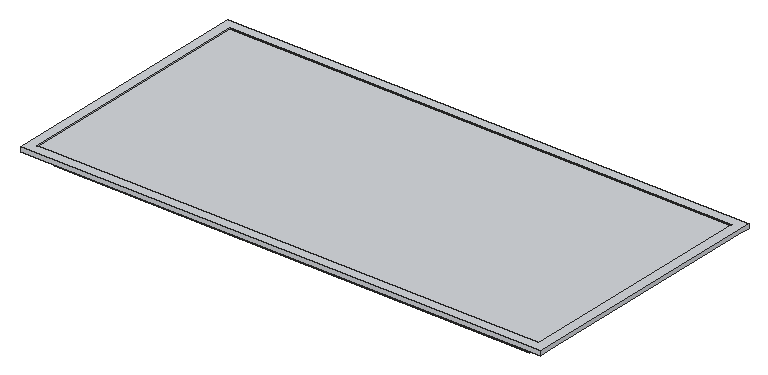
Revit family "1195x595_START Panel Backlit UGR19", category Lighting Fixtures, host Face, Revit 2017
Family settings
  Host = Face
  Round Connector Dimension = Use Diameter
  Part Type = Normal
  OmniClass Number = 23.80.70.00
  OmniClass Title = Lighting
  Cut with Voids When Loaded = No
  Light Source = Yes
  Shared = No
  Room Calculation Point = No
Parameters (values of type "0042201")
  Weight = "153.52 kg"
  Wattage Comments = ""
  Wattage = 58 W
  WarrantyStartDate [instance] = "n/a"
  WarrantyGuarantorParts = ""
  WarrantyDurationUnit = ""
  WarrantyDurationParts = ""
  WarrantyDescription = ""
  WIDTH_SYL = 297.5 mm
  built-in parameter 1150110 = 1 (stored number, unit not read)
  Voltage = 0 V
  URL = "https://www.sylvania-lighting.com/product/en-int/products/0042201/"
  TypeName = "0042201"
  Type Image = <None>
  Type Comments = "n/a"
  built-in parameter 1114217 = 1 (stored number, unit not read)
  Tilt Angle = -90.00°
  built-in parameter 1150109 = 1 (stored number, unit not read)
  built-in parameter 1150134 = (empty or 0)
  TOP__WIDTH_SYL = 545 mm
  TOP_WIDTH_SYL = 265 mm
  TOP_DEPTH_SYL = 95 mm
  built-in parameter 1150113 = 1 (stored number, unit not read)
  SerialNumber [instance] = "n/a"
  Photometric Web File = "0042201.ies"
  Material_3_SYL = none
  PowerFactor = 0.9
  PowerConsumption = "58 W"
  NominalLength = 1195 mm
  NominalHeight = 35 mm
  NominalDepth = 595 mm
  Name = "START Panel UGR19 1200x600 5700Lm 830 LILO"
  ModelReference = Name  # "START Panel UGR19 1200x600 5700Lm 830 LILO"
  ModelNumber = "0042201"
  Model = Name  # "START Panel UGR19 1200x600 5700Lm 830 LILO"
  Material = "aluminium,steel housing, other diffuser"
  ManufacturerName = "Feilo Sylvania"
  Manufacturer = "Feilo Sylvania"
  MAINHEIGHT_SYL = 63 mm
  LuminousEfficacy = "98 lm/W"
  built-in parameter 1150105 = 685.59 (stored number, unit not read)
  Lumens = 8615.43 lm
  LuminaireType = "LED"
  built-in parameter 1150115 = 1 (stored number, unit not read)
  LightOutputRatio = ""
  built-in parameter 1150137 = (empty or 0)
  built-in parameter 1150139 = (empty or 0)
  LampsType = Lamp  # "LED"
  LampNominalLuminous = "5700 lm"
  LampMacAdamStep = "6"
  LampColourTemperature = "3000 K"
  LampColourRenderingIndex = "80"
  built-in parameter 1150112 = 1 (stored number, unit not read)
  built-in parameter 1150114 = 1 (stored number, unit not read)
  Lamp = "LED"
  LUMWIDTH_SYL = 576.5 mm
  LUMDEPTH_SYL = 276.5 mm
  Keynote = "16500"
  InstallationDate [instance] = "n/a"
  InputVoltage = "n/a"
  InputNominalFrequency = "n/a"
  built-in parameter 1150132 = (empty or 0)
  built-in parameter 1150102 = (empty or 0)
  built-in parameter 1150107 = 3000 (stored number, unit not read)
  built-in parameter 1150138 = (empty or 0)
  IngressProtection = "IP40/20"
  ImpactProtectionIndex = "IK03"
  built-in parameter 1150106 = 6.8559 (stored number, unit not read)
  IfcExportType = "IfcLightFixtureType"
  IfcExportAs = "IfcLightFixtureType"
  HEIGHT_SYL = 33 mm
  HEIGHTBOTT_SYL = 7 mm
  Emit from Circle Diameter = 609.6 mm
  Emit Shape Visible in Rendering = no
  ElectricShockClassification = "Class II"
  built-in parameter 1150104 = 13.8 (stored number, unit not read)
  DocumentationLiterature = "98"
  DimmingControlOptions = "http://www.sylvania-lighting.com/product/en-int/products/0042201"
  Material_2_SYL = none
  Dimming Lamp Color Temperature Shift = <None>
  Description = "n/a"
  Default Elevation = 1219.2 mm
  DEPTH_SYL = 597.5 mm
  CreatedOn = "7/6/2020"
  CreatedBy = "@sylvania-lighting.com"
  Cost = 0
  Color Filter = 16777215
  built-in parameter 1114216 [instance] = (empty or 0)
  ClassificationValue = "EF_70_80"
  ClassificationName = "Uniclass2015"
  Material_1_SYL = none
  BarCode [instance] = "n/a"
  built-in parameter 1114218 = 1 (stored number, unit not read)
  BOX_WIDTH_SYL = 40 mm
  built-in parameter 1150133 = 10 (stored number, unit not read)
  AssetType = "Fixed"
  AssetIdentifier [instance] = "n/a"
  Assembly Code = "D5020200"
  Apparent Load = 58 VA
  Material_4_SYL = none
  -LUMDEPTH_SYL = LUMDEPTH_SYL * (-1)  # -276.5 mm
  -BOX_WIDTH_SYL = BOX_WIDTH_SYL * (-1)  # -40 mm
Types (3, lengths in mm): name | URL | TypeName | built-in parameter 1150134 | Photometric Web File | Name | ModelReference | ModelNumber | Model | LuminousEfficacy | LampNominalLuminous | LampColourTemperature | built-in parameter 1150107 | DocumentationLiterature | DimmingControlOptions
  0042203 | "https://www.sylvania-lighting.com/product/en-int/products/0042203/" | "0042203" | 1 | "0042203.ies" | "START Panel UGR19 1200x600 5900Lm 865 LILO" | "START Panel UGR19 1200x600 5900Lm 865 LILO" | "0042203" | "START Panel UGR19 1200x600 5900Lm 865 LILO" | "102 lm/W" | "5900 lm" | "6500 K" | 6500 (stored number, unit not read) | "102" | "http://www.sylvania-lighting.com/product/en-int/products/0042203"
  0042202 | "https://www.sylvania-lighting.com/product/en-int/products/0042202/" | "0042202" | 12 | "0042202.ies" | "START Panel UGR19 1200x600 5900Lm 840 LILO" | "START Panel UGR19 1200x600 5900Lm 840 LILO" | "0042202" | "START Panel UGR19 1200x600 5900Lm 840 LILO" | "102 lm/W" | "5900 lm" | "4000 K" | 4000 (stored number, unit not read) | "102" | "http://www.sylvania-lighting.com/product/en-int/products/0042202"
  0042201 | "https://www.sylvania-lighting.com/product/en-int/products/0042201/" | "0042201" | (empty or 0) | "0042201.ies" | "START Panel UGR19 1200x600 5700Lm 830 LILO" | "START Panel UGR19 1200x600 5700Lm 830 LILO" | "0042201" | "START Panel UGR19 1200x600 5700Lm 830 LILO" | "98 lm/W" | "5700 lm" | "3000 K" | 3000 (stored number, unit not read) | "98" | "http://www.sylvania-lighting.com/product/en-int/products/0042201"
Reference planes
  plane 1 "Center (Front/Back)": y = 0
  plane 2: z = 0
  plane 3 "Center (Left/Right)": x = 0
  plane 4: z = -33
  plane 5: z = -7
  plane 6: z = -63
  plane 7: x = 597.5
  plane 8: x = -597.5
  plane 9: y = 297.5
  plane 10: y = -297.5
  plane 11: x = 576.5
  plane 12: x = -576.5
  plane 13: y = -276.5
  plane 14: y = 276.5
  plane 15: y = -265
  plane 16: y = 265
  plane 17: x = -40
  plane 18: x = 40
  plane 19: x = 0
  plane 20: x = -545
  plane 21: x = 545
Forms (mm)
  Extrusion 1, solid
    sketch origin (0, 0, 0) x (1, 0, 0) y (0, 1, 0)
      loop
        line (-597.5, 297.5) -> (-597.5, -297.5) -> (597.5, -297.5) -> (597.5, 297.5) -> (-597.5, 297.5)
    from -7 to 2
  Extrusion 2, void
    sketch origin (0, 0, 0) x (1, 0, 0) y (0, 1, 0)
      loop
        line (-576.5, 276.5) -> (-576.5, -276.5) -> (576.5, -276.5) -> (576.5, 276.5) -> (-576.5, 276.5)
    from 0 to 2
  Extrusion 3, solid
    sketch origin (0, 0, 0) x (1, 0, 0) y (0, 0, 1)
      loop
        line (-40, -33) -> (-40, -63) -> (40, -63) -> (40, -33) -> (-40, -33)
    from -40 <- "-BOX_WIDTH_SYL" to 40 <- "BOX_WIDTH_SYL"
  Extrusion 4, solid
    sketch origin (0, 0, 0) x (1, 0, 0) y (0, 0, 1)
      loop
        line (-576.5, -7) -> (-545, -33) -> (545, -33) -> (576.5, -7) -> (-576.5, -7)
    from -276.5 <- "-LUMDEPTH_SYL" to 276.5 <- "LUMDEPTH_SYL"
  Extrusion 5, void
    sketch origin (319, 1524, 1219.2) x (0, 1, 0) y (0, 0, 1)
      loop
        line (-1247.5, -1226.2) -> (-1259, -1252.2) -> (-1247.5, -1252.2) -> (-1247.5, -1226.2)
      loop
        line (-1800.5, -1226.2) -> (-1800.5, -1252.2) -> (-1789, -1252.2) -> (-1800.5, -1226.2)
    from -1000 to 1000
Cuts and joins
  Extrusion 2, Extrusion 5 cuts Extrusion 1
  Extrusion 5 cuts Extrusion 3
  Extrusion 5 cuts Extrusion 4
  joined: Extrusion 1, Extrusion 3, Extrusion 4
Dimensions and locks
  "HEIGHT_SYL": host face to plane 4
  "HEIGHTBOTT_SYL": host face to plane 5
  "MAINHEIGHT_SYL": host face to plane 6
  "DEPTH_SYL": plane 8 to plane 3 "Center (Left/Right)" to plane 7
  "WIDTH_SYL": plane 10 to plane 1 "Center (Front/Back)" to plane 9
  "LUMWIDTH_SYL": plane 12 to plane 3 "Center (Left/Right)" to plane 11
  "LUMDEPTH_SYL": plane 13 to plane 1 "Center (Front/Back)" to plane 14
  "TOP_WIDTH_SYL": plane 16 to imposter light to plane 15
  "BOX_WIDTH_SYL": plane 17 to imposter light to plane 18
  "TOP__WIDTH_SYL": plane 20 to imposter light to plane 21
  aligned and locked: plane 2 to host face
  aligned and locked: level to host face
  aligned and locked: Extrusion 1 sketch curve to plane 9
  aligned and locked: plane 8 to Extrusion 1 sketch curve
  aligned and locked: Extrusion 1 sketch curve to plane 10
  aligned and locked: Extrusion 1 sketch curve to plane 7
  aligned and locked: plane 14 to Extrusion 2 sketch curve
  aligned and locked: plane 12 to Extrusion 2 sketch curve
  aligned and locked: Extrusion 2 sketch curve to plane 13
  aligned and locked: Extrusion 2 sketch curve to plane 11
  aligned and locked: plane 4 to Extrusion 3 sketch curve
  aligned and locked: Extrusion 3 sketch curve to plane 17
  aligned and locked: Extrusion 3 sketch curve to plane 6
  aligned and locked: plane 18 to Extrusion 3 sketch curve
Automatic sketch dimensions
  host sketch curve to host sketch curve = 2438.4 mm  (x2)
  Extrusion 4 sketch curve to plane 5 = 0 mm
  Extrusion 4 sketch curve to plane 12 = 0 mm
  Extrusion 4 sketch curve to plane 4 = 0 mm
  plane 20 to Extrusion 4 sketch curve = 0 mm
  plane 21 to Extrusion 4 sketch curve = 0 mm
  Extrusion 4 sketch curve to plane 11 = 0 mm
  plane 5 to Extrusion 5 sketch curve = 0 mm  (x2)
  Extrusion 5 sketch curve to plane 13 = 0 mm
  plane 4 to Extrusion 5 sketch curve = 0 mm  (x2)
  Extrusion 5 sketch curve to plane 15 = 0 mm
  Extrusion 5 sketch curve to plane 16 = 0 mm
  Extrusion 5 sketch curve to plane 14 = 0 mm
